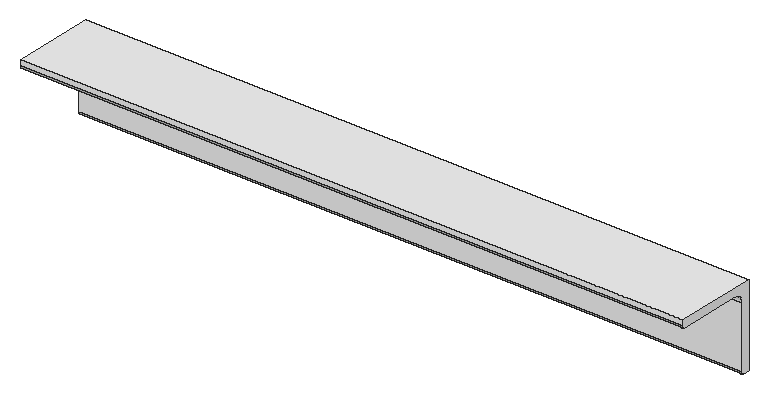
Revit family "AAR-Ângulo de aço retangular", category Quadro estrutural, Revit 2019
Family settings
  Arredondamento do comprimento do framing estrutural = 0.0 mm
  Forma do corte = Não definido
  Material para o comportamento do modelo = Aço
  Exportar sempre como geometria = Não
  Número OmniClass = 23.25.30.11.14.14
  Título OmniClass = Beams
  ID de item do Seek = RSA-Rectangular Steel Angle-0000-CAN-ENU
  Sempre na vertical = Sim
  Corte com vazios quando carregada = Não
  Representação simbólica = Das configurações de projeto
  Compartilhado = Não
  Exibir o pré-corte da família na vista da planta = Sim
Parameters (values of type "150x150x15RSA")
  W = 0
  Structural Material [instance] = Aço, 45-345
  Assembly Code = ""
  Cx = 42.6 mm
  Cy = 42.6 mm
  Ix = 909
  Length [instance] = 1524.0 mm
  M = 33.9
  Zx = 84.6
  b = 150.0 mm
  h = 150.0 mm
  r1 = 16.0 mm
  r2 = 4.8 mm
  t = 15.0 mm
  A = 0.004 m²
Reference planes
  plane 1 "Centro (Frente/Trás)": y = 0
  plane 2: z = 0
  plane 3 "Centro (Esquerda/Direita)": x = 4.61
  plane 4 "Membro esquerdo": x = -604.99
  plane 5 "Membro direito": x = 614.21
  plane 6: y = 42.6
  plane 7: y = -107.4
  plane 8 "Superior": z = 42.6
  plane 9: z = -107.4
  plane 10 "Esquerda": x = -757.39
  plane 11 "Direita": x = 766.61
Forms (mm)
  Sweep 1, solid, material "Aço, 45-345" <- "Structural Material", detail levels medium
    path origin (0, 0, 0) x (1, 0, 0) y (0, 1, 0)
      loop
        line (614.21, 0) -> (-604.99, 0)
    profile "M_L-Ângulo-Perfil-Médio : M_L-Ângulo-Perfil-Médio" origin (4.61, 0, 0) x (0, -1, 0) y (0, 0, 1)
      loop
        line (-42.6, -107.4) -> (-27.6, -107.4) -> (-27.6, 27.6) -> (107.4, 27.6) -> (107.4, 42.6) -> (-42.6, 42.6) -> (-42.6, -107.4)
  Sweep 2, solid, material "Aço, 45-345" <- "Structural Material", detail levels fine
    path origin (0, 0, 0) x (1, 0, 0) y (0, 1, 0)
      loop
        line (614.21, 0) -> (-604.99, 0)
    profile "M_L-Ângulo-Perfil2-Alto : M_L-Ângulo-Perfil2-Alto" origin (4.61, 0, 0) x (0, -1, 0) y (0, 0, 1)
      loop
        line (-42.6, -107.4) -> (-32.4, -107.4)
        arc (-32.4, -107.4) -> (-29.006, -105.994) -> (-27.6, -102.6) r 4.8
        line (-27.6, -102.6) -> (-27.6, 11.6)
        arc (-27.6, 11.6) -> (-22.914, 22.914) -> (-11.6, 27.6) r 16
        line (-11.6, 27.6) -> (102.6, 27.6)
        arc (102.6, 27.6) -> (105.994, 29.006) -> (107.4, 32.4) r 4.8
        line (107.4, 32.4) -> (107.4, 42.6) -> (-42.6, 42.6) -> (-42.6, -107.4)
Lines and regions (mm)
  symbolic lines, style "Faces ocultas", detail levels medium+fine
    curve 1: line (-604.99, 0, 27.6) -> (614.21, 0, 27.6)
    curve 2: line (-604.99, 12.7, 0) -> (614.21, 12.7, 0)
  symbolic lines, style "Símbolos de vara", detail levels coarse
    curve 3: line (4.61, 42.6, 42.6) -> (4.61, -107.4, 42.6)
    curve 4: line (4.61, 42.6, -107.4) -> (4.61, 42.6, 42.6)
Dimensions and locks
  "b": plane 6 to plane 7
  "h": plane 9 to plane 8 "Superior"
  "Cy": plane 6 to plane 1 "Centro (Frente/Trás)"
  "Cx": plane 8 "Superior" to plane 2
  "Length": plane 10 "Esquerda" to plane 11 "Direita"
  aligned and locked: plane 4 "Membro esquerdo" to curve 1
  aligned and locked: plane 5 "Membro direito" to curve 1
  aligned and locked: Sweep 1 sketch curve to plane 1 "Centro (Frente/Trás)"
  aligned and locked: Sweep 2 sketch curve to plane 1 "Centro (Frente/Trás)"
  aligned and locked: curve 3 to Sweep 2
  aligned and locked: Sweep 2 to curve 4
  aligned and locked: Sweep 1 to curve 3
  aligned and locked: curve 4 to Sweep 1
  aligned and locked: plane 4 "Membro esquerdo" to Sweep 2 sketch curve
  aligned and locked: plane 5 "Membro direito" to Sweep 2 sketch curve
  aligned and locked: plane 4 "Membro esquerdo" to Sweep 1 sketch curve
  aligned and locked: plane 5 "Membro direito" to Sweep 1 sketch curve
  aligned and locked: plane 4 "Membro esquerdo" to curve 2
  aligned and locked: plane 5 "Membro direito" to curve 2
Automatic sketch dimensions
  curve 2 to plane 1 "Centro (Frente/Trás)" = 12.7 mm
  plane 8 "Superior" to curve 1 = 15.0 mm
Types in the file's own list only (81): name | Cx | Cy | Ix | M | Zx | b | h | r1 | r2 | t | A
  200x200x24RSA | 58.5 mm | 58.5 mm | 3356 | 71.3 | 237 | 200.0 mm | 200.0 mm | 18.0 mm | 4.8 mm | 24.0 mm | 0.01 m²
  200x200x20RSA | 57.0 mm | 57.0 mm | 2877 | 60.1 | 201 | 200.0 mm | 200.0 mm | 18.0 mm | 4.8 mm | 20.0 mm | 0.01 m²
  200x200x18RSA | 56.2 mm | 56.2 mm | 2627 | 54.4 | 183 | 200.0 mm | 200.0 mm | 18.0 mm | 4.8 mm | 18.0 mm | 0.01 m²
  200x200x16RSA | 55.4 mm | 55.4 mm | 2369 | 48.7 | 164 | 200.0 mm | 200.0 mm | 18.0 mm | 4.8 mm | 16.0 mm | 0.01 m²
  150x150x18RSA | 43.8 mm | 43.8 mm | 1060 | 40.2 | 99.8 | 150.0 mm | 150.0 mm | 16.0 mm | 4.8 mm | 18.0 mm | 0.01 m²
  150x150x12RSA | 41.4 mm | 41.4 mm | 748 | 27.5 | 68.9 | 150.0 mm | 150.0 mm | 16.0 mm | 4.8 mm | 12.0 mm | 0.00 m²
  150x150x10RSA | 40.6 mm | 40.6 mm | 635 | 23.1 | 58 | 150.0 mm | 150.0 mm | 16.0 mm | 4.8 mm | 10.0 mm | 0.00 m²
  120x120x15RSA | 35.2 mm | 35.2 mm | 448 | 26.7 | 52.8 | 120.0 mm | 120.0 mm | 13.0 mm | 4.8 mm | 15.0 mm | 0.00 m²
  120x120x12RSA | 34.1 mm | 34.1 mm | 371 | 21.7 | 43.1 | 120.0 mm | 120.0 mm | 13.0 mm | 4.8 mm | 12.0 mm | 0.00 m²
  120x120x10RSA | 33.2 mm | 33.2 mm | 316 | 18.3 | 36.4 | 120.0 mm | 120.0 mm | 13.0 mm | 4.8 mm | 10.0 mm | 0.00 m²
  120x120x8RSA | 32.4 mm | 32.4 mm | 259 | 14.8 | 29.5 | 120.0 mm | 120.0 mm | 13.0 mm | 4.8 mm | 8.0 mm | 0.00 m²
  100x100x15RSA | 30.2 mm | 30.2 mm | 250 | 21.9 | 35.8 | 100.0 mm | 100.0 mm | 12.0 mm | 4.8 mm | 15.0 mm | 0.00 m²
  100x100x12RSA | 29.1 mm | 29.1 mm | 208 | 17.9 | 29.3 | 100.0 mm | 100.0 mm | 12.0 mm | 4.8 mm | 12.0 mm | 0.00 m²
  100x100x10RSA | 28.3 mm | 28.3 mm | 178 | 15.1 | 24.8 | 100.0 mm | 100.0 mm | 12.0 mm | 4.8 mm | 10.0 mm | 0.00 m²
  100x100x8RSA | 27.5 mm | 27.5 mm | 146 | 12.2 | 20.2 | 100.0 mm | 100.0 mm | 12.0 mm | 4.8 mm | 8.0 mm | 0.00 m²
  90x90x12RSA | 26.6 mm | 26.6 mm | 149 | 16 | 23.5 | 90.0 mm | 90.0 mm | 11.0 mm | 4.8 mm | 12.0 mm | 0.00 m²
  90x90x10RSA | 25.8 mm | 25.8 mm | 128 | 13.5 | 19.9 | 90.0 mm | 90.0 mm | 11.0 mm | 4.8 mm | 10.0 mm | 0.00 m²
  90x90x8RSA | 25.0 mm | 25.0 mm | 105 | 10.9 | 16.2 | 90.0 mm | 90.0 mm | 11.0 mm | 4.8 mm | 8.0 mm | 0.00 m²
  90x90x7RSA | 24.6 mm | 24.6 mm | 93.2 | 9.6 | 14.2 | 90.0 mm | 90.0 mm | 11.0 mm | 4.8 mm | 7.0 mm | 0.00 m²
  90x90x6RSA | 24.1 mm | 24.1 mm | 81 | 8.3 | 12.3 | 90.0 mm | 90.0 mm | 11.0 mm | 4.8 mm | 6.5 mm | 0.00 m²
  80x80x10+RSA | 23.3 mm | 23.3 mm | 87.7 | 11.9 | 15.5 | 80.0 mm | 80.0 mm | 11.0 mm | 4.8 mm | 10.0 mm | 0.00 m²
  80x80x8+RSA | 22.5 mm | 22.5 mm | 72.4 | 9.7 | 12.6 | 80.0 mm | 80.0 mm | 11.0 mm | 4.8 mm | 8.0 mm | 0.00 m²
  80x80x6+RSA | 21.6 mm | 21.6 mm | 56 | 7.4 | 9.6 | 80.0 mm | 80.0 mm | 11.0 mm | 4.8 mm | 6.5 mm | 0.00 m²
  70x70x10+RSA | 20.8 mm | 20.8 mm | 57.1 | 10.3 | 11.6 | 70.0 mm | 70.0 mm | 11.0 mm | 4.8 mm | 10.0 mm | 0.00 m²
  70x70x8+RSA | 20.0 mm | 20.0 mm | 47.4 | 8.4 | 9.49 | 70.0 mm | 70.0 mm | 11.0 mm | 4.8 mm | 8.0 mm | 0.00 m²
  70x70x6+RSA | 19.2 mm | 19.2 mm | 36.8 | 6.4 | 7.24 | 70.0 mm | 70.0 mm | 11.0 mm | 4.8 mm | 6.5 mm | 0.00 m²
  60x60x10+RSA | 18.4 mm | 18.4 mm | 34.7 | 8.8 | 8.33 | 60.0 mm | 60.0 mm | 11.0 mm | 4.8 mm | 10.0 mm | 0.00 m²
  60x60x8+RSA | 17.6 mm | 17.6 mm | 28.9 | 7.2 | 6.82 | 60.0 mm | 60.0 mm | 11.0 mm | 4.8 mm | 8.0 mm | 0.00 m²
  60x60x6+RSA | 16.7 mm | 16.7 mm | 22.6 | 5.5 | 5.21 | 60.0 mm | 60.0 mm | 11.0 mm | 4.8 mm | 6.5 mm | 0.00 m²
  60x60x5+RSA | 16.2 mm | 16.2 mm | 19.2 | 4.6 | 4.37 | 60.0 mm | 60.0 mm | 11.0 mm | 4.8 mm | 6.5 mm | 0.00 m²
  50x50x8+RSA | 15.1 mm | 15.1 mm | 16 | 5.9 | 4.59 | 50.0 mm | 50.0 mm | 11.0 mm | 4.8 mm | 8.0 mm | 0.00 m²
  50x50x6+RSA | 14.2 mm | 14.2 mm | 12.6 | 4.6 | 3.52 | 50.0 mm | 50.0 mm | 11.0 mm | 4.8 mm | 6.5 mm | 0.00 m²
  50x50x5+RSA | 13.7 mm | 13.7 mm | 10.7 | 3.9 | 2.95 | 50.0 mm | 50.0 mm | 11.0 mm | 4.8 mm | 6.5 mm | 0.00 m²
  50x50x4+RSA | 13.2 mm | 13.2 mm | 8.72 | 3.1 | 2.37 | 50.0 mm | 50.0 mm | 11.0 mm | 4.8 mm | 6.5 mm | 0.00 m²
  50x50x3+RSA | 12.5 mm | 12.5 mm | 6.6 | 2.4 | 1.76 | 50.0 mm | 50.0 mm | 11.0 mm | 4.8 mm | 6.5 mm | 0.00 m²
  45x45x6+RSA | 13.0 mm | 13.0 mm | 8.95 | 4.1 | 2.8 | 45.0 mm | 45.0 mm | 11.0 mm | 4.8 mm | 6.5 mm | 0.00 m²
  45x45x5+RSA | 12.5 mm | 12.5 mm | 7.63 | 3.5 | 2.35 | 45.0 mm | 45.0 mm | 11.0 mm | 4.8 mm | 6.5 mm | 0.00 m²
  45x45x4+RSA | 12.0 mm | 12.0 mm | 6.22 | 2.8 | 1.88 | 45.0 mm | 45.0 mm | 11.0 mm | 4.8 mm | 6.5 mm | 0.00 m²
  45x45x3+RSA | 11.3 mm | 11.3 mm | 4.71 | 2.2 | 1.4 | 45.0 mm | 45.0 mm | 11.0 mm | 4.8 mm | 6.5 mm | 0.00 m²
  40x40x6+RSA | 11.8 mm | 11.8 mm | 6.1 | 3.6 | 2.16 | 40.0 mm | 40.0 mm | 11.0 mm | 4.8 mm | 6.5 mm | 0.00 m²
  40x40x5+RSA | 11.3 mm | 11.3 mm | 5.21 | 3.1 | 1.81 | 40.0 mm | 40.0 mm | 11.0 mm | 4.8 mm | 6.5 mm | 0.00 m²
  40x40x4+RSA | 10.8 mm | 10.8 mm | 4.25 | 2.5 | 1.45 | 40.0 mm | 40.0 mm | 11.0 mm | 4.8 mm | 6.5 mm | 0.00 m²
  40x40x3+RSA | 10.1 mm | 10.1 mm | 3.22 | 1.9 | 1.08 | 40.0 mm | 40.0 mm | 11.0 mm | 4.8 mm | 6.5 mm | 0.00 m²
  30x30x5+RSA | 8.9 mm | 8.9 mm | 2.02 | 2.3 | 0.956 | 30.0 mm | 30.0 mm | 11.0 mm | 4.8 mm | 6.5 mm | 0.00 m²
  30x30x4+RSA | 8.4 mm | 8.4 mm | 1.65 | 1.9 | 0.764 | 30.0 mm | 30.0 mm | 11.0 mm | 4.8 mm | 6.5 mm | 0.00 m²
  30x30x3+RSA | 7.8 mm | 7.8 mm | 1.25 | 1.5 | 0.561 | 30.0 mm | 30.0 mm | 11.0 mm | 4.8 mm | 6.5 mm | 0.00 m²
  25x25x5+RSA | 7.8 mm | 7.8 mm | 1.09 | 1.9 | 0.634 | 25.0 mm | 25.0 mm | 11.0 mm | 4.8 mm | 6.5 mm | 0.00 m²
  25x25x4+RSA | 7.3 mm | 7.3 mm | 0.894 | 1.6 | 0.504 | 25.0 mm | 25.0 mm | 11.0 mm | 4.8 mm | 6.5 mm | 0.00 m²
  25x25x3+RSA | 6.7 mm | 6.7 mm | 0.672 | 1.2 | 0.367 | 25.0 mm | 25.0 mm | 11.0 mm | 4.8 mm | 6.5 mm | 0.00 m²
  200x150x18RSA | 63.4 mm | 38.6 mm | 2390 | 47.2 | 175 | 150.0 mm | 200.0 mm | 15.0 mm | 4.8 mm | 18.0 mm | 0.01 m²
  200x150x15RSA | 62.2 mm | 37.5 mm | 2037 | 39.7 | 148 | 150.0 mm | 200.0 mm | 15.0 mm | 4.8 mm | 15.0 mm | 0.01 m²
  200x150x12RSA | 61.0 mm | 36.3 mm | 1667 | 32.1 | 120 | 150.0 mm | 200.0 mm | 15.0 mm | 4.8 mm | 12.0 mm | 0.00 m²
  200x100x15RSA | 71.7 mm | 22.3 mm | 1772 | 33.9 | 138 | 100.0 mm | 200.0 mm | 15.0 mm | 4.8 mm | 15.0 mm | 0.00 m²
  200x100x12RSA | 70.4 mm | 21.1 mm | 1454 | 27.4 | 112 | 100.0 mm | 200.0 mm | 15.0 mm | 4.8 mm | 12.0 mm | 0.00 m²
  200x100x10RSA | 69.5 mm | 20.3 mm | 1233 | 23.1 | 94.5 | 100.0 mm | 200.0 mm | 15.0 mm | 4.8 mm | 10.0 mm | 0.00 m²
  150x90x15RSA | 52.1 mm | 22.4 mm | 764 | 26.7 | 78 | 90.0 mm | 150.0 mm | 12.0 mm | 4.8 mm | 15.0 mm | 0.00 m²
  150x90x12RSA | 50.9 mm | 21.2 mm | 630 | 21.6 | 63.6 | 90.0 mm | 150.0 mm | 12.0 mm | 4.8 mm | 12.0 mm | 0.00 m²
  150x90x10RSA | 50.0 mm | 20.4 mm | 536 | 18.2 | 53.6 | 90.0 mm | 150.0 mm | 12.0 mm | 4.8 mm | 10.0 mm | 0.00 m²
  150x75x15RSA | 55.3 mm | 18.1 mm | 715 | 24.9 | 75.5 | 75.0 mm | 150.0 mm | 11.0 mm | 4.8 mm | 15.0 mm | 0.00 m²
  150x75x12RSA | 54.1 mm | 17.0 mm | 591 | 20.2 | 61.6 | 75.0 mm | 150.0 mm | 11.0 mm | 4.8 mm | 12.0 mm | 0.00 m²
  150x75x10RSA | 53.2 mm | 16.2 mm | 503 | 17 | 52 | 75.0 mm | 150.0 mm | 11.0 mm | 4.8 mm | 10.0 mm | 0.00 m²
  125x75x12RSA | 43.1 mm | 18.4 mm | 355 | 17.8 | 43.4 | 75.0 mm | 125.0 mm | 11.0 mm | 4.8 mm | 12.0 mm | 0.00 m²
  125x75x10RSA | 42.3 mm | 17.6 mm | 303 | 15 | 36.7 | 75.0 mm | 125.0 mm | 11.0 mm | 4.8 mm | 10.0 mm | 0.00 m²
  125x75x8RSA | 41.4 mm | 16.8 mm | 249 | 12.2 | 29.7 | 75.0 mm | 125.0 mm | 11.0 mm | 4.8 mm | 8.0 mm | 0.00 m²
  100x75x12RSA | 32.7 mm | 20.3 mm | 189 | 15.4 | 28.1 | 75.0 mm | 100.0 mm | 10.0 mm | 4.8 mm | 12.0 mm | 0.00 m²
  100x75x10RSA | 31.9 mm | 19.5 mm | 162 | 13 | 23.8 | 75.0 mm | 100.0 mm | 10.0 mm | 4.8 mm | 10.0 mm | 0.00 m²
  100x75x8RSA | 31.0 mm | 18.7 mm | 133 | 10.6 | 19.3 | 75.0 mm | 100.0 mm | 10.0 mm | 4.8 mm | 8.0 mm | 0.00 m²
  100x65x10RSA | 33.6 mm | 16.3 mm | 154 | 12.3 | 23.2 | 65.0 mm | 100.0 mm | 10.0 mm | 4.8 mm | 10.0 mm | 0.00 m²
  100x65x8RSA | 32.8 mm | 15.6 mm | 127 | 10 | 18.9 | 65.0 mm | 100.0 mm | 10.0 mm | 4.8 mm | 8.0 mm | 0.00 m²
  100x65x7RSA | 32.3 mm | 15.1 mm | 113 | 8.8 | 16.6 | 65.0 mm | 100.0 mm | 10.0 mm | 4.8 mm | 7.0 mm | 0.00 m²
  80x60x8+RSA | 25.5 mm | 15.6 mm | 65.8 | 8.3 | 12.1 | 60.0 mm | 80.0 mm | 8.0 mm | 4.8 mm | 8.0 mm | 0.00 m²
  80x60x7+RSA | 25.0 mm | 15.2 mm | 58.5 | 7.3 | 10.6 | 60.0 mm | 80.0 mm | 8.0 mm | 4.8 mm | 7.0 mm | 0.00 m²
  80x60x6+RSA | 24.6 mm | 14.8 mm | 50.9 | 6.3 | 9.19 | 60.0 mm | 80.0 mm | 8.0 mm | 4.8 mm | 6.5 mm | 0.00 m²
  75x50x8+RSA | 25.3 mm | 12.9 mm | 52.4 | 7.4 | 10.5 | 50.0 mm | 75.0 mm | 7.0 mm | 2.4 mm | 8.0 mm | 0.00 m²
  75x50x6+RSA | 24.4 mm | 12.1 mm | 40.9 | 5.7 | 8.1 | 50.0 mm | 75.0 mm | 7.0 mm | 2.4 mm | 6.5 mm | 0.00 m²
  65x50x8+RSA | 21.2 mm | 13.7 mm | 34.9 | 6.8 | 7.97 | 50.0 mm | 65.0 mm | 6.0 mm | 2.4 mm | 8.0 mm | 0.00 m²
  65x50x6+RSA | 20.4 mm | 13.0 mm | 27.4 | 5.2 | 6.14 | 50.0 mm | 65.0 mm | 6.0 mm | 2.4 mm | 6.5 mm | 0.00 m²
  65x50x5+RSA | 20.0 mm | 12.6 mm | 23.3 | 4.4 | 5.18 | 50.0 mm | 65.0 mm | 6.0 mm | 2.4 mm | 6.5 mm | 0.00 m²
  60x30x6+RSA | 22.0 mm | 7.2 mm | 18.3 | 4 | 4.82 | 30.0 mm | 60.0 mm | 6.0 mm | 2.4 mm | 6.5 mm | 0.00 m²
  60x30x5+RSA | 21.6 mm | 6.8 mm | 15.7 | 3.4 | 4.08 | 30.0 mm | 60.0 mm | 6.0 mm | 2.4 mm | 6.5 mm | 0.00 m²
  40x25x4+RSA | 13.6 mm | 6.2 mm | 3.86 | 1.9 | 1.46 | 25.0 mm | 40.0 mm | 4.0 mm | 2.4 mm | 6.5 mm | 0.00 m²
